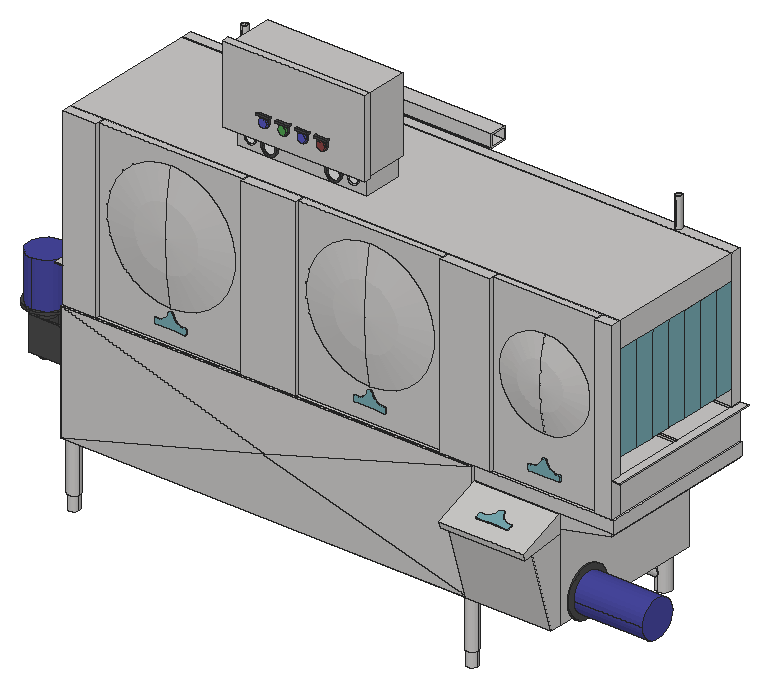
Revit family
Parameters (values of type "208/60/3")
  Width = 7' - 1 1/2"  # constant formula
  Weight in Pounds = 1700
  Watts = 25000 W
  Watermarked By = "http://revitwatermark.com"
  Waste Water Discharge Temperature [instance] = -459.67 °F
  Volts = 208 V
  Ventilation Remarks [instance] = ""
  URL Cutsheet = ""
  URL = "www.stero.com"
  Total Height = 5' - 10 1/2"
  Table Height = 2' - 10"
  Swing Doors [instance] = no
  Status [instance] = ""
  Standard Doors [instance] = not(Swing Doors)  # yes
  Specification by User [instance] = ""
  Specification by Manufacturer = ""
  Serial Number [instance] = ""
  Seismic Rating [instance] = ""
  SMACNA No [instance] = ""
  Right Ventilation Remarks [instance] = ""
  Right Vent [instance] = no
  Right Exhaust Volume [instance] = if(Right Vent, 200 CFM, 0 CFM)  # 0 CFM
  Right Exhaust Vent Width = 0' - 3 7/8"
  Right Exhaust Vent Text = "Vent, Load End"  # constant formula
  Right Exhaust Vent Depth = 2' - 0 7/8"
  Right Exhaust Static Press = 0.00 in-wg
  Right Exhaust RI Height [instance] = 0' - 0"
  Right Exhaust Item Number [instance] = "-"
  Right Drain [instance] = no
  Revision Code [instance] = ""
  Plumbing Remarks [instance] = ""
  Plumbing Connection Type [instance] = ""
  Phase = 3
  Number of Poles [instance] = 1
  NAFEM Spec ID Number [instance] = ""
  Model = "ER-86S"
  Masterspec = ""
  Manufacturer = "Stero"
  Machine Height = 4' - 7 1/2"
  Left Vent [instance] = no
  Left Drain [instance] = not(Right Drain)  # yes
  Item Number [instance] = "-"
  Installed By [instance] = ""
  Indirect Waste Size = 2"
  Indirect Waste Flow [instance] = 0.00 GPM
  Indirect Waste Connection Type [instance] = ""
  Indirect Waste Connection Height = 0' - 6"
  Hot Water Usage Rack = "- Gal/Rack"
  Hot Water Usage = "120.6 GPH"
  Hot Water Temperature = 180 °F
  Hot Water Size = 3/4"
  Hot Water RI Height [instance] = 0' - 0"
  Hot Water Minimum Pressure = 20.00 psi
  Hot Water Maximum Pressure = 20.00 psi
  Hot Water Flow = 2.01 GPM
  Hot Water Consumption = 2.01 GPM
  Hot Water Connection Height = 5' - 0"
  HP = "5.25"
  Furnished By [instance] = ""
  Foodservice Equipment Identifier [instance] = yes
  FL Amps = 87.4 A
  Exhaust Volume [instance] = if(Left Vent, 400 CFM, 0 CFM)  # 0 CFM
  Exhaust Vent Width = 0' - 3 7/8"
  Exhaust Vent Text = "Vent, Unload End"  # constant formula
  Exhaust Vent Depth = 2' - 0 7/8"
  Exhaust Static Press = 0.00 in-wg
  Exhaust RI Height [instance] = 0' - 0"
  Electrical Remarks [instance] = ""
  Electric Connection Type [instance] = ""
  Elec Conn RI Height [instance] = 0' - 0"
  Elec Conn Connection Height = 5' - 8 1/2"
  Description = "Dishwasher, Conveyor"
  Depth = 2' - 1"
  Cycle = 60 Hz
  Conn Conduit = yes
  Cold Water Temperature Recommended [instance] = -459.67 °F
  Cold Water Size = 3/4"
  Cold Water RI Height [instance] = 0' - 0"
  Cold Water Minimum Pressure [instance] = 0.00 psi
  Cold Water Maximum Pressure [instance] = 0.00 psi
  Cold Water Flow [instance] = 0.00 GPM
  Cold Water Consumption [instance] = ""
  Cold Water Connection Height = 5' - 0"
  CSI MasterFormat = "11 48 13"
  Building Plumbing Remarks [instance] = ""
  Building Hot Water Temperature = 140 °F
  Building Hot Water Size = 3/4"
  Building Hot Water RI Height [instance] = 0' - 0"
  Building Hot Water Minimum Pressure [instance] = 20.00 psi
  Building Hot Water Maximum Pressure [instance] = 20.00 psi
  Building Hot Water Flow [instance] = 0.00 GPM
  Building Hot Water Consumption [instance] = 2.00 GPM
  Building Hot Water Connection Height = 5' - 0"
  Building HW Item Number [instance] = "-"
  Assembly Code = "E1090320"
  Apparent Power = if(Phase = 3, Volts * FL Amps * 1.73, Volts * FL Amps)  # 31450 VA
  24 Door Opening [instance] = if(Swing Doors, 2' 0", 1' 10 1/2")  # 1' - 10 1/2"
  18 Door Opening [instance] = if(Swing Doors, 1' 6", 1' 4 1/4")  # 1' - 4 1/4"
Reference planes (in)
  plane 1: z = 0
  plane 2 "LEFT": x = 2.32772
  plane 3 "BACK": y = -48.15916
  plane 4 "TOP": z = 70.5
  plane 5 "Right of Main Body": x = 66.32772
  plane 6 "FRONT": y = -73.15916
  plane 7 "Left of Top": x = 2.57772
  plane 8 "Right of Top": x = 66.07772
  plane 9 "Left of Ledge": x = 1.07772
  plane 10 "Left End Cowl": x = -7.67228
  plane 11: x = -0.73478
  plane 12 "Bottom of Machine": z = 10
  plane 13 "Table Height": z = 34
  plane 14 "Top of Machine": z = 55.5
  plane 15 "Panel Top": z = 28.5
  plane 16: z = 12
  plane 17: y = -73.65916
  plane 18: y = -47.65916
  plane 19: x = 2.07772
  plane 20: y = -49.78416
  plane 21: y = -71.53416
  plane 22 "Door Center": x = 34.32772
  plane 23: x = 7.57772
  plane 24: x = 30.07772
  plane 25 "Top of Opening": z = 51.5
  plane 26: z = 2.25
  plane 27: x = 24.32772
  plane 28: x = 44.32772
  plane 29: x = 23.32772
  plane 30: x = 45.32772
  plane 31 "Front of Lower Panel": y = -66.5
  plane 32: y = -60.5
  plane 33: y = -67.15916
  plane 34 "Back of Panel": y = -60.15916
  plane 35 "Front of Upper Panel": y = -68.15916
  plane 36: x = 23.82772
  plane 37: x = 44.82772
  plane 38: x = -7.54728
  plane 39: x = -4.60978
  plane 40: y = -48.22166
  plane 41: y = -73.09666
  plane 42 "Top of Vents": z = 59.5
  plane 43: x = 19.82772
  plane 44: x = 48.82772
  plane 45: y = -45.15916
  plane 46: z = 57.5
  plane 47: y = -43.15916
  plane 48: z = 84.5
  plane 49: x = 18.82772
  plane 50: x = 38.57772
  plane 51: x = 61.07772
  plane 52: x = 97.82772
  plane 53: x = 90.89022
  plane 54: x = 97.70272
  plane 55: x = 94.76522
  plane 56 "RIGHT": x = 87.82772
  plane 57: x = 87.57772
  plane 58: x = 89.07772
  plane 59: x = 88.07772
  plane 60: x = 68.89022
  plane 61: x = 85.14022
  plane 62 "Drain": y = -51.15916
  plane 63: x = 60.82772
  plane 64: x = 84.89022
  plane 65: x = 38.70272
  plane 66: x = 69.01522
  plane 67: x = 40.01522
  plane 68: x = 70.32772
  plane 69: x = 7.82772
  plane 70: x = 29.95272
  plane 71: x = 28.64022
Forms (in)
  Extrusion 1, solid, material "QF_Finishes_Stainless Steel"
    sketch origin (0, 0, 10) x (0, 1, 0) y (-1, 0, 0)
      loop
        line (-47.65916, -2.07772) -> (-73.15916, -2.07772) -> (-73.15916, -66.57772) -> (-47.65916, -66.57772) -> (-47.65916, -2.07772)
    from 0 to 2
  Extrusion 2, solid, material "QF_Finishes_Stainless Steel"
    sketch origin (0, 0, 28.5) x (0, 1, 0) y (-1, 0, 0)
      loop
        line (-48.15916, -2.32772) -> (-73.15916, -2.32772) -> (-73.15916, -66.32772) -> (-48.15916, -66.32772) -> (-48.15916, -2.32772)
    from 0 to -16.5
  Extrusion 3, solid, material "QF_Finishes_Stainless Steel"
    sketch origin (0, 0, 34) x (0, 1, 0) y (-1, 0, 0)
      loop
        line (-48.15916, -2.32772) -> (-48.15916, -1.07772) -> (-73.15916, -1.07772) -> (-73.15916, -2.32772) -> (-48.15916, -2.32772)
    from 0 to -0.125
  Extrusion 4, solid, material "QF_Finishes_Stainless Steel"
    sketch origin (21.5, 0, 34) x (0, 1, 0) y (-1, 0, 0)
      loop
        line (-48.15916, -66.32772) -> (-73.15916, -66.32772) -> (-73.15916, -67.57772) -> (-48.15916, -67.57772) -> (-48.15916, -66.32772)
    from 0 to -0.125
  Extrusion 5, solid, material "QF_Finishes_Stainless Steel"
    sketch origin (0, 0, 34) x (0, 1, 0) y (-1, 0, 0)
      loop
        line (-48.15916, -2.32772) -> (-71.53416, -2.32772) -> (-71.53416, -87.82772) -> (-48.15916, -87.82772) -> (-48.15916, -2.32772)
    from -0.25 to -5.5
  Extrusion 6, solid, material "QF_Finishes_Stainless Steel"
    sketch origin (0, 0, 34) x (0, 1, 0) y (-1, 0, 0)
      loop
        line (-60.25, -2.32772) -> (-60.75, -2.32772) -> (-60.75, -87.82772) -> (-60.25, -87.82772) -> (-60.25, -2.32772)
      loop
        line (-48.15916, -2.32772) -> (-49.78416, -2.32772) -> (-49.78416, -87.82772) -> (-48.15916, -87.82772) -> (-48.15916, -2.32772)
    from 0 to -0.25
  Extrusion 7, solid, material "QF_Finishes_Stainless Steel"
    sketch origin (0, 0, 55.5) x (0, 1, 0) y (-1, 0, 0)
      loop
        line (-49.78416, -2.32772) -> (-71.53416, -2.32772) -> (-71.53416, -87.82772) -> (-49.78416, -87.82772) -> (-49.78416, -2.32772)
    from 0 to -4
  Extrusion 8, solid, material "QF_Finishes_Stainless Steel"
    sketch origin (0, 0, 55.5) x (0, 1, 0) y (-1, 0, 0)
      loop
        line (-48.15916, -2.32772) -> (-49.78416, -2.32772) -> (-49.78416, -87.82772) -> (-48.15916, -87.82772) -> (-48.15916, -2.32772)
    from 0 to -21.5
  Extrusion 9, solid, material "QF_Finishes_Stainless Steel"
    sketch origin (0, -73.15916, 0) x (-1, 0, 0) y (0, 0, 1)
      loop
        line (-2.32772, 55.5) -> (-7.57772, 55.5) -> (-7.57772, 28.5) -> (-2.32772, 28.5) -> (-2.32772, 55.5)
    from 0 to 1.625
  Blend 10, solid, material "QF_Finishes_Stainless Steel"
    base sketch origin (-15.01335, -74, 48) x (-1, 0, 0) y (0, 0, 1)
      loop
        line (-17.34107, -19.5) -> (-81.34107, -19.5) -> (-81.34107, -38) -> (-17.34107, -38) -> (-17.34107, -19.5)
    top sketch origin (-15.01335, -74, 48) x (-1, 0, 0) y (0, 0, 1)
      loop
        line (-49.37232, -28.71875) -> (-49.37232, -28.78125) -> (-49.30982, -28.78125) -> (-49.30982, -28.71875) -> (-49.37232, -28.71875)
    from 0.5 to 0
  Extrusion 11, solid, material "QF_Finishes_Stainless Steel"
    sketch origin (0, 0, 10) x (0, 1, 0) y (-1, 0, 0)
      loop
        line (-73.15916, -2.32772) -> (-73.5, -2.32772) -> (-73.5, -66.32772) -> (-73.15916, -66.32772) -> (-73.15916, -2.32772)
    from 0 to 18.5
  Extrusion 12, solid, material "QF_Finishes_Stainless Steel"
    sketch origin (0, -73.15916, 0) x (-1, 0, 0) y (0, 0, 1)
      loop
        line (-61.07772, 55.5) -> (-68.89022, 55.5) -> (-68.89022, 28.5) -> (-61.07772, 28.5) -> (-61.07772, 55.5)
    from 0 to 1.625
  Extrusion 13, solid, material "QF_Finishes_Stainless Steel", visible <- "Standard Doors"
    sketch origin (-15.5, 0, 55.5) x (0, 1, 0) y (-1, 0, 0)
      loop
        line (-71.53416, -23.07772) -> (-72.65916, -23.07772) -> (-72.65916, -45.57772) -> (-71.53416, -45.57772) -> (-71.53416, -23.07772)
    from 0 to -27
  Extrusion 14, solid, material "QF_Finishes_Stainless Steel"
    sketch origin (0, 0, 0) x (1, 0, 0) y (0, 1, 0)
      loop
        circle (3.32772, -49.15916) r 0.8125
    from 0 to 2.25
  Extrusion 15, solid, material "QF_Finishes_Stainless Steel"
    sketch origin (0, 0, 0) x (1, 0, 0) y (0, 1, 0)
      loop
        circle (3.32772, -49.15916) r 0.9375
    from 2.25 to 10
  Extrusion 16, solid, material "QF_Finishes_Stainless Steel"
    sketch origin (48.65544, 0, 0) x (-1, 0, 0) y (0, -1, 0)
      loop
        circle (-16.67228, 49.15916) r 0.8125
    from 0 to 2.25
  Extrusion 17, solid, material "QF_Finishes_Stainless Steel"
    sketch origin (48.65544, 0, 0) x (-1, 0, 0) y (0, -1, 0)
      loop
        circle (-16.67228, 49.15916) r 0.9375
    from 2.25 to 10
  Extrusion 18, solid, material "QF_Finishes_Stainless Steel"
    sketch origin (0, -121, 0) x (1, 0, 0) y (0, 1, 0)
      loop
        circle (3.32772, 48.84084) r 0.8125
    from 0 to 2.25
  Extrusion 19, solid, material "QF_Finishes_Stainless Steel"
    sketch origin (0, -121, 0) x (1, 0, 0) y (0, 1, 0)
      loop
        circle (3.32772, 48.84084) r 0.9375
    from 2.25 to 10
  Extrusion 20, solid, material "QF_Finishes_Stainless Steel"
    sketch origin (48.65544, -121, 0) x (-1, 0, 0) y (0, -1, 0)
      loop
        circle (-16.67228, -48.84084) r 0.8125
    from 0 to 2.25
  Extrusion 21, solid, material "QF_Finishes_Stainless Steel"
    sketch origin (48.65544, -121, 0) x (-1, 0, 0) y (0, -1, 0)
      loop
        circle (-16.67228, -48.84084) r 0.9375
    from 2.25 to 10
  Extrusion 22, solid, material "QF_Finishes_Light Blue"
    sketch origin (21.5, 0, 51.5) x (0, 1, 0) y (-1, 0, 0)
      loop
        line (-49.78416, -66.32772) -> (-49.78416, -66.20272) -> (-52.78416, -66.20272) -> (-52.78416, -66.32772) -> (-49.78416, -66.32772)
      loop
        line (-52.90916, -66.32772) -> (-52.90916, -66.20272) -> (-55.90916, -66.20272) -> (-55.90916, -66.32772) -> (-52.90916, -66.32772)
      loop
        line (-56.03416, -66.32772) -> (-56.03416, -66.20272) -> (-59.03416, -66.20272) -> (-59.03416, -66.32772) -> (-56.03416, -66.32772)
      loop
        line (-59.15916, -66.32772) -> (-59.15916, -66.20272) -> (-62, -66.20272) -> (-62, -66.32772) -> (-59.15916, -66.32772)
      loop
        line (-62.125, -66.32772) -> (-62.125, -66.20272) -> (-65.125, -66.20272) -> (-65.125, -66.32772) -> (-62.125, -66.32772)
      loop
        line (-65.25, -66.32772) -> (-65.25, -66.20272) -> (-68.40916, -66.20272) -> (-68.40916, -66.32772) -> (-65.25, -66.32772)
      loop
        line (-68.53416, -66.32772) -> (-68.53416, -66.20272) -> (-71.53416, -66.20272) -> (-71.53416, -66.32772) -> (-68.53416, -66.32772)
    from 0 to -15
  Extrusion 23, solid, material "QF_Finishes_Light Blue"
    sketch origin (48.65544, 0, 51.5) x (0, 1, 0) y (-1, 0, 0)
      loop
        line (-49.78416, 46.32772) -> (-52.78416, 46.32772) -> (-52.78416, 46.20272) -> (-49.78416, 46.20272) -> (-49.78416, 46.32772)
      loop
        line (-52.90916, 46.32772) -> (-55.90916, 46.32772) -> (-55.90916, 46.20272) -> (-52.90916, 46.20272) -> (-52.90916, 46.32772)
      loop
        line (-56.03416, 46.32772) -> (-59.03416, 46.32772) -> (-59.03416, 46.20272) -> (-56.03416, 46.20272) -> (-56.03416, 46.32772)
      loop
        line (-59.15916, 46.32772) -> (-62, 46.32772) -> (-62, 46.20272) -> (-59.15916, 46.20272) -> (-59.15916, 46.32772)
      loop
        line (-62.125, 46.32772) -> (-65.125, 46.32772) -> (-65.125, 46.20272) -> (-62.125, 46.20272) -> (-62.125, 46.32772)
      loop
        line (-65.25, 46.32772) -> (-68.40916, 46.32772) -> (-68.40916, 46.20272) -> (-65.25, 46.20272) -> (-65.25, 46.32772)
      loop
        line (-68.53416, 46.32772) -> (-71.53416, 46.32772) -> (-71.53416, 46.20272) -> (-68.53416, 46.20272) -> (-68.53416, 46.32772)
    from 0 to -15
  Extrusion 24, solid, material "QF_Finishes_Stainless Steel"
    sketch origin (0, 0, 55.5) x (0, 1, 0) y (-1, 0, 0)
      loop
        line (-60.5, -24.32772) -> (-66.5, -24.32772) -> (-66.5, -44.32772) -> (-60.5, -44.32772) -> (-60.5, -24.32772)
    from 0 to 3.5
  Extrusion 25, solid, material "QF_Finishes_Stainless Steel"
    sketch origin (0, 0, 55.5) x (0, 1, 0) y (-1, 0, 0)
      loop
        line (-60.15916, -23.82772) -> (-67.15916, -23.82772) -> (-67.15916, -44.82772) -> (-60.15916, -44.82772) -> (-60.15916, -23.82772)
    from 3 to 14.5
  Extrusion 26, solid, material "QF_Finishes_Stainless Steel"
    sketch origin (0, 0, 55.5) x (0, 1, 0) y (-1, 0, 0)
      loop
        line (-67.15916, -23.32772) -> (-68.15916, -23.32772) -> (-68.15916, -45.32772) -> (-67.15916, -45.32772) -> (-67.15916, -23.32772)
    from 3 to 15
  Extrusion 27, solid, material "QF_Finishes_Black"
    sketch origin (0, -66.5, 0) x (-1, 0, 0) y (0, 0, 1)
      loop
        circle (-29.32772, 57) r 1.25
      loop
        circle (-29.32772, 57) r 1
    from 0 to -0.25
  Extrusion 28, solid, material "QF_Finishes_Stainless Steel"
    sketch origin (0, -66.5, 0) x (-1, 0, 0) y (0, 0, 1)
      loop
        circle (-26.32772, 57.25) r 0.75
      loop
        circle (-26.32772, 57.25) r 0.875
    from 0 to -0.125
  Extrusion 29, solid, material "QF_Finishes_White"
    sketch origin (0, -66.5, 0) x (-1, 0, 0) y (0, 0, 1)
      loop
        circle (-26.32772, 57.25) r 0.75
    from 0 to -0.0625
  Extrusion 30, solid, material "QF_Finishes_White"
    sketch origin (0, -66.5, 0) x (-1, 0, 0) y (0, 0, 1)
      loop
        circle (-29.32772, 57) r 1
    from 0 to -0.0625
  Extrusion 31, solid, material "QF_Finishes_Black"
    sketch origin (48.65544, -66.5, 0) x (1, 0, 0) y (0, 0, -1)
      loop
        circle (-9.32772, -57) r 1.25
      loop
        circle (-9.32772, -57) r 1
    from 0 to -0.25
  Extrusion 32, solid, material "QF_Finishes_Stainless Steel"
    sketch origin (48.65544, -66.5, 0) x (1, 0, 0) y (0, 0, -1)
      loop
        circle (-6.32772, -57.25) r 0.75
      loop
        circle (-6.32772, -57.25) r 0.875
    from 0 to -0.125
  Extrusion 33, solid, material "QF_Finishes_White"
    sketch origin (48.65544, -66.5, 0) x (1, 0, 0) y (0, 0, -1)
      loop
        circle (-6.32772, -57.25) r 0.75
    from 0 to -0.0625
  Extrusion 34, solid, material "QF_Finishes_White"
    sketch origin (48.65544, -66.5, 0) x (1, 0, 0) y (0, 0, -1)
      loop
        circle (-9.32772, -57) r 1
    from 0 to -0.0625
  Extrusion 35, solid, material "QF_Finishes_Black"
    sketch origin (0, -68.15916, 0) x (-1, 0, 0) y (0, 0, 1)
      loop
        line (-33.82772, 62.5) -> (-33.82772, 62.25) -> (-31.82772, 62.25) -> (-31.82772, 62.5) -> (-33.82772, 62.5)
      loop
        line (-30.82772, 62.5) -> (-30.82772, 62.25) -> (-28.82772, 62.25) -> (-28.82772, 62.5) -> (-30.82772, 62.5)
      loop
        line (-34.82772, 62.5) -> (-36.82772, 62.5) -> (-36.82772, 62.25) -> (-34.82772, 62.25) -> (-34.82772, 62.5)
      loop
        line (-37.82772, 62.5) -> (-39.82772, 62.5) -> (-39.82772, 62.25) -> (-37.82772, 62.25) -> (-37.82772, 62.5)
    from 0 to -0.5
  Extrusion 36, solid, material "QF_Finishes_Navy Blue"
    sketch origin (0, -68.15916, 0) x (-1, 0, 0) y (0, 0, 1)
      loop
        circle (-29.82772, 61.375) r 0.625
    from -0.125 to -0.375
  Extrusion 37, solid, material "QF_Finishes_LED Green"
    sketch origin (3, -68.15916, 0) x (-1, 0, 0) y (0, 0, 1)
      loop
        circle (-29.82772, 61.375) r 0.625
    from -0.125 to -0.375
  Extrusion 38, solid, material "QF_Finishes_Navy Blue"
    sketch origin (6, -68.15916, 0) x (-1, 0, 0) y (0, 0, 1)
      loop
        circle (-29.82772, 61.375) r 0.625
    from -0.125 to -0.375
  Extrusion 39, solid, material "QF_Finishes_LED Red"
    sketch origin (9, -68.15916, 0) x (-1, 0, 0) y (0, 0, 1)
      loop
        circle (-29.82772, 61.375) r 0.625
    from -0.125 to -0.375
  Extrusion 40, solid, material "QF_Finishes_Black"
    sketch origin (0, -68.15916, 0) x (-1, 0, 0) y (0, 0, 1)
      loop
        arc (-30.57772, 61.375) -> (-29.82772, 60.625) -> (-29.07772, 61.375) r 0.75
        line (-29.07772, 61.375) -> (-29.07772, 62.25) -> (-30.57772, 62.25) -> (-30.57772, 61.375)
      loop
        arc (-33.57772, 61.375) -> (-32.82772, 60.625) -> (-32.07772, 61.375) r 0.75
        line (-32.07772, 61.375) -> (-32.07772, 62.25) -> (-33.57772, 62.25) -> (-33.57772, 61.375)
      loop
        arc (-36.57772, 61.375) -> (-35.82772, 60.625) -> (-35.07772, 61.375) r 0.75
        line (-35.07772, 61.375) -> (-35.07772, 62.25) -> (-36.57772, 62.25) -> (-36.57772, 61.375)
      loop
        arc (-39.57772, 61.375) -> (-38.82772, 60.625) -> (-38.07772, 61.375) r 0.75
        line (-38.07772, 61.375) -> (-38.07772, 62.25) -> (-39.57772, 62.25) -> (-39.57772, 61.375)
    from 0 to -0.125
  Extrusion 41, solid, material "QF_Finishes_Light Blue", visible <- "Standard Doors"
    sketch origin (-15.5, -73.15916, 0) x (-1, 0, 0) y (0, 0, 1)
      loop
        line (-33.71645, 30.65632) -> (-32.08461, 30.57309)
        arc (-32.08461, 30.57309) -> (-31.90443, 30.64773) -> (-31.82979, 30.82792) r 0.25483
        line (-31.82979, 30.82792) -> (-31.82979, 31.31285)
        arc (-31.82979, 31.31285) -> (-31.90343, 31.49062) -> (-32.08121, 31.56426) r 0.25142
        arc (-32.08121, 31.56426) -> (-33.22593, 31.7803) -> (-33.90311, 32.72819) r 1.56264
        arc (-33.90311, 32.72819) -> (-34.31726, 33.06213) -> (-34.74741, 32.74907) r 0.43733
        arc (-34.74741, 32.74907) -> (-35.42049, 31.78611) -> (-36.57423, 31.56426) r 1.56264
        arc (-36.57423, 31.56426) -> (-36.75201, 31.49062) -> (-36.82565, 31.31285) r 0.25142
        line (-36.82565, 31.31285) -> (-36.82565, 30.82792)
        arc (-36.82565, 30.82792) -> (-36.75101, 30.64773) -> (-36.57082, 30.57309) r 0.25483
        line (-36.57082, 30.57309) -> (-34.93898, 30.65632)
        arc (-34.93898, 30.65632) -> (-34.32772, 30.6719) -> (-33.71645, 30.65632) r 12
    from 0.5 to 0.4375
  Extrusion 42, solid, material "QF_Finishes_Stainless Steel", visible <- "Left Vent"
    sketch origin (2.57772, 0, 0) x (0, 1, 0) y (0, 0, 1)
      loop
        line (-73.15916, 55.5) -> (-73.15916, 39.125) -> (-71.53416, 37.5) -> (-71.53416, 37.67678) -> (-73.03416, 39.17678) -> (-73.03416, 55.375) -> (-48.28416, 55.375) -> (-48.28416, 50.61428) -> (-49.78416, 49.11428) -> (-49.78416, 48.9375) -> (-48.15916, 50.5625) -> (-48.15916, 55.5) -> (-73.15916, 55.5)
    from -0.25 to -10.125
  Extrusion 43, solid, material "QF_Finishes_Stainless Steel", visible <- "Left Vent"
    sketch origin (-7.67228, 0, 0) x (0, 1, 0) y (0, 0, 1)
      loop
        line (-71.53416, 37.5) -> (-71.53416, 51.5) -> (-49.78416, 51.5) -> (-49.78416, 48.9375) -> (-48.15916, 50.5625) -> (-48.15916, 55.5) -> (-73.15916, 55.5) -> (-73.15916, 39.125) -> (-71.53416, 37.5)
    from 0 to 0.125
  Extrusion 44, solid, material "QF_Finishes_Stainless Steel", visible <- "Left Vent"
    sketch origin (0, 0, 55.5) x (0, 1, 0) y (-1, 0, 0)
      loop
        line (-48.22166, 4.60978) -> (-73.09666, 4.60978) -> (-73.09666, 0.73478) -> (-48.22166, 0.73478) -> (-48.22166, 4.60978)
      loop
        line (-48.34666, 4.48478) -> (-72.97166, 4.48478) -> (-72.97166, 0.85978) -> (-48.34666, 0.85978) -> (-48.34666, 4.48478)
    from 0 to 4
  Extrusion 45, void
    sketch origin (0, 0, 55.5) x (0, 1, 0) y (-1, 0, 0)
      loop
        line (-48.34666, 4.48478) -> (-72.97166, 4.48478) -> (-72.97166, 0.85978) -> (-48.34666, 0.85978) -> (-48.34666, 4.48478)
    from 0 to -0.125
  Extrusion 46, solid, material "QF_Finishes_Stainless Steel"
    sketch origin (0, 0, 55.5) x (0, 1, 0) y (-1, 0, 0)
      loop
        circle (-48.90916, -11.32772) r 0.375
      loop
        circle (-48.90916, -11.32772) r 0.5
    from 0 to 4.5
  Extrusion 47, solid, material "QF_Finishes_Stainless Steel"
    sketch origin (2.32772, 0, 0) x (0, 1, 0) y (0, 0, 1)
      loop
        line (-45.15916, 57.5) -> (-47.90916, 57.5) -> (-47.90916, 55.5) -> (-45.15916, 55.5) -> (-45.15916, 57.5)
      loop
        line (-45.28416, 57.375) -> (-47.78416, 57.375) -> (-47.78416, 55.625) -> (-45.28416, 55.625) -> (-45.28416, 57.375)
    from 17.5 to 46.5
  Extrusion 48, solid, material "QF_Finishes_Stainless Steel"
    sketch origin (2.32772, 0, 0) x (0, 1, 0) y (0, 0, 1)
      loop
        line (-47.90916, 55.5) -> (-47.90916, 55.625) -> (-48.15916, 55.625) -> (-48.15916, 55.5) -> (-47.90916, 55.5)
    from 17.5 to 46.5
  Extrusion 49, solid, material "QF_Finishes_Stainless Steel"
    sketch origin (0, -60.15916, 0) x (-1, 0, 0) y (0, 0, 1)
      loop
        circle (-44.32772, 68.5) r 0.25
    from 0 to 0.0625
  Extrusion 50, solid, material "QF_Finishes_Stainless Steel"
    sketch origin (0, 0, 10) x (0, 1, 0) y (-1, 0, 0)
      loop
        circle (-51.15916, -18.82772) r 1
      loop
        circle (-51.15916, -18.82772) r 1.125
    from 0 to -4
  Extrusion 51, solid, material "QF_Finishes_Clearance", detail levels coarse
    sketch origin (0, 0, 0) x (1, 0, 0) y (0, 1, 0)
      loop
        line (1.07772, -47.65916) -> (19.82772, -47.65916) -> (19.82772, -45.15916) -> (48.82772, -45.15916) -> (48.82772, -47.65916) -> (89.07772, -47.65916) -> (89.07772, -43.15916) -> (1.07772, -43.15916) -> (1.07772, -47.65916)
    from 0 to 70.5
  Extrusion 52, solid, material "QF_Finishes_Clearance", visible <- "Standard Doors", detail levels coarse
    sketch origin (-15.5, -73.15916, 0) x (-1, 0, 0) y (0, 0, 1)
      loop
        line (-23.07772, 84.5) -> (-45.57772, 84.5) -> (-45.57772, 55.5) -> (-23.07772, 55.5) -> (-23.07772, 84.5)
    from 0 to 1.625
  Extrusion 53, solid, material "QF_Finishes_Clearance", visible <- "Left Vent", detail levels coarse
    sketch origin (0, 0, 0) x (1, 0, 0) y (0, 1, 0)
      loop
        line (-7.67228, -43.15916) -> (-7.67228, -47.65916) -> (1.07772, -47.65916) -> (1.07772, -43.15916) -> (-7.67228, -43.15916)
    from 0 to 70.5
  Revolve 54, solid, material "QF_Finishes_Stainless Steel", visible <- "Standard Doors"
    sketch origin (18.82772, 0, 0) x (0, 1, 0) y (0, 0, 1)
      loop
        line (-72.65916, 43.5) -> (-72.65916, 53.5)
        arc (-72.65916, 53.5) -> (-73.42159, 48.52624) -> (-73.65916, 43.5) r 48
        line (-73.65916, 43.5) -> (-72.65916, 43.5)
      axis (-72.65916, 43.5) -> (-73.65916, 43.5)
    angle from 0 to 360
  Extrusion 55, solid, material "QF_Finishes_Stainless Steel", visible <- "Standard Doors"
    sketch origin (14.5, 0, 55.5) x (0, 1, 0) y (-1, 0, 0)
      loop
        line (-71.53416, -24.07772) -> (-72.65916, -24.07772) -> (-72.65916, -46.57772) -> (-71.53416, -46.57772) -> (-71.53416, -24.07772)
    from 0 to -27
  Extrusion 56, solid, material "QF_Finishes_Light Blue", visible <- "Standard Doors"
    sketch origin (15.5, -73.15916, 0) x (-1, 0, 0) y (0, 0, 1)
      loop
        line (-33.71645, 30.65632) -> (-32.08461, 30.57309)
        arc (-32.08461, 30.57309) -> (-31.90443, 30.64773) -> (-31.82979, 30.82792) r 0.25483
        line (-31.82979, 30.82792) -> (-31.82979, 31.31285)
        arc (-31.82979, 31.31285) -> (-31.90343, 31.49062) -> (-32.08121, 31.56426) r 0.25142
        arc (-32.08121, 31.56426) -> (-33.22593, 31.7803) -> (-33.90311, 32.72819) r 1.56264
        arc (-33.90311, 32.72819) -> (-34.31726, 33.06213) -> (-34.74741, 32.74907) r 0.43733
        arc (-34.74741, 32.74907) -> (-35.42049, 31.78611) -> (-36.57423, 31.56426) r 1.56264
        arc (-36.57423, 31.56426) -> (-36.75201, 31.49062) -> (-36.82565, 31.31285) r 0.25142
        line (-36.82565, 31.31285) -> (-36.82565, 30.82792)
        arc (-36.82565, 30.82792) -> (-36.75101, 30.64773) -> (-36.57082, 30.57309) r 0.25483
        line (-36.57082, 30.57309) -> (-34.93898, 30.65632)
        arc (-34.93898, 30.65632) -> (-34.32772, 30.6719) -> (-33.71645, 30.65632) r 12
    from 0.5 to 0.4375
  Extrusion 57, solid, material "QF_Finishes_Clearance", visible <- "Standard Doors", detail levels coarse
    sketch origin (14.5, -73.15916, 0) x (-1, 0, 0) y (0, 0, 1)
      loop
        line (-24.07772, 84.5) -> (-46.57772, 84.5) -> (-46.57772, 55.5) -> (-24.07772, 55.5) -> (-24.07772, 84.5)
    from 0 to 1.625
  Revolve 58, solid, material "QF_Finishes_Stainless Steel", visible <- "Standard Doors"
    sketch origin (49.82772, 0, 0) x (0, 1, 0) y (0, 0, 1)
      loop
        line (-72.65916, 43.5) -> (-72.65916, 53.5)
        arc (-72.65916, 53.5) -> (-73.42159, 48.52624) -> (-73.65916, 43.5) r 48
        line (-73.65916, 43.5) -> (-72.65916, 43.5)
      axis (-72.65916, 43.5) -> (-73.65916, 43.5)
    angle from 0 to 360
  Extrusion 59, solid, material "QF_Finishes_Stainless Steel"
    sketch origin (-29, -73.15916, 0) x (-1, 0, 0) y (0, 0, 1)
      loop
        line (-59.07772, 55.5) -> (-67.57772, 55.5) -> (-67.57772, 28.5) -> (-59.07772, 28.5) -> (-59.07772, 55.5)
    from 0 to 1.625
  Extrusion 60, solid, material "QF_Finishes_Stainless Steel"
    sketch origin (-44, 0, 55.5) x (0, 1, 0) y (-1, 0, 0)
      loop
        circle (-48.90916, -75.32772) r 0.375
      loop
        circle (-48.90916, -75.32772) r 0.5
    from 0 to 4.5
  Extrusion 61, solid, material "QF_Finishes_Stainless Steel"
    sketch origin (55, -1, 10) x (0, 1, 0) y (-1, 0, 0)
      loop
        circle (-50.15916, -23.32772) r 1
      loop
        circle (-50.15916, -23.32772) r 1.125
    from 0.9375 to -4
  Extrusion 62, solid, material "QF_Finishes_Stainless Steel", visible <- "Right Drain"
    sketch origin (0, 0, 0) x (1, 0, 0) y (0, 1, 0)
      loop
        circle (18.82772, -51.15916) r 1
    from 6 to 6.25
  Extrusion 63, solid, material "QF_Finishes_Stainless Steel", visible <- "Left Drain"
    sketch origin (0, -1, 0) x (1, 0, 0) y (0, 1, 0)
      loop
        circle (78.32772, -50.15916) r 1
    from 6 to 6.25
  Extrusion 64, solid, material "QF_Finishes_Black"
    sketch origin (68.65544, -73, 0) x (1, 0, 0) y (0, 0, -1)
      loop
        line (-66.57772, -12) -> (-66.57772, -10.9375) -> (-67.70272, -10.9375) -> (-67.70272, -23.9375) -> (-66.32772, -23.9375) -> (-66.32772, -12) -> (-66.57772, -12)
    from 1.8125 to 7.8125
  Extrusion 65, solid, material "QF_Finishes_Black"
    sketch origin (68.65544, 0, 10) x (0, 1, 0) y (-1, 0, 0)
      loop
        arc (-67.03416, 72.57772) -> (-68.34666, 71.26522) -> (-69.65916, 72.57772) r 1.3125
        line (-69.65916, 72.57772) -> (-69.65916, 67.95272) -> (-67.03416, 67.95272) -> (-67.03416, 72.57772)
      loop
        line (-69.90916, 74.20272) -> (-69.90916, 67.70272) -> (-66.625, 67.70272) -> (-66.625, 74.20272) -> (-69.90916, 74.20272)
    from 7.6875 to 12.9375
  Extrusion 66, solid, material "QF_Finishes_Black"
    sketch origin (68.65544, 0, 10) x (0, 1, 0) y (-1, 0, 0)
      loop
        circle (-68.34666, 72.57772) r 1.0625
    from 7.1875 to 7.6875
  Extrusion 67, solid, material "QF_Finishes_Black"
    sketch origin (68.65544, 0, 10) x (0, 1, 0) y (-1, 0, 0)
      loop
        circle (-68.34666, 72.57772) r 1.3125
    from 12.9375 to 13.4375
  Blend 68, solid, material "QF_Finishes_Black"
    base sketch origin (68.65544, 0, 10) x (0, 1, 0) y (-1, 0, 0)
      loop
        circle (-68.34666, 72.57772) r 1.3125
    top sketch origin (68.65544, 0, 10) x (0, 1, 0) y (-1, 0, 0)
      loop
        circle (-68.34666, 72.57772) r 2.0625
    from 13.4375 to 14.4375
  Extrusion 69, solid, material "QF_Finishes_Black"
    sketch origin (68.65544, 0, 10) x (0, 1, 0) y (-1, 0, 0)
      loop
        circle (-68.34666, 72.57772) r 3.25
    from 14.4375 to 14.8125
  Extrusion 70, solid, material "QF_Finishes_Blue"
    sketch origin (68.65544, 0, 10) x (0, 1, 0) y (-1, 0, 0)
      loop
        circle (-68.34666, 72.57772) r 2.875
    from 14.8125 to 21.9375
  Extrusion 71, solid, material "QF_Finishes_Black"
    sketch origin (68.65544, -73, 0) x (1, 0, 0) y (0, 0, -1)
      loop
        line (-66.32772, -33.1875) -> (-66.32772, -31.6875) -> (-71.82772, -31.6875) -> (-71.82772, -33.1875) -> (-66.32772, -33.1875)
      loop
        circle (-70.57772, -32.4375) r 0.375
    from 12.3125 to 12.6875
  Extrusion 72, solid, material "QF_Finishes_Black"
    sketch origin (68.65544, -73, 0) x (1, 0, 0) y (0, 0, -1)
      loop
        line (-66.32772, -12) -> (-66.57772, -12) -> (-66.57772, -8.4375) -> (-69.07772, -8.4375) -> (-69.07772, -12.4375) -> (-66.32772, -12.4375) -> (-66.32772, -12)
    from 7 to 18
  Extrusion 73, solid, material "QF_Finishes_Black"
    sketch origin (68.65544, -73, 0) x (1, 0, 0) y (0, 0, -1)
      loop
        line (-69.07772, -12.125) -> (-69.07772, -8.75) -> (-69.32772, -8.75)
        arc (-69.32772, -8.75) -> (-69.5045, -8.82322) -> (-69.57772, -9) r 0.25
        line (-69.57772, -9) -> (-69.57772, -9.3125)
        arc (-69.57772, -9.3125) -> (-69.68755, -9.57767) -> (-69.95272, -9.6875) r 0.375
        line (-69.95272, -9.6875) -> (-70.57772, -9.6875)
        arc (-70.57772, -9.6875) -> (-71.32772, -10.4375) -> (-70.57772, -11.1875) r 0.75
        line (-70.57772, -11.1875) -> (-69.95272, -11.1875)
        arc (-69.95272, -11.1875) -> (-69.68755, -11.29733) -> (-69.57772, -11.5625) r 0.375
        line (-69.57772, -11.5625) -> (-69.57772, -11.875)
        arc (-69.57772, -11.875) -> (-69.5045, -12.05178) -> (-69.32772, -12.125) r 0.25
        line (-69.32772, -12.125) -> (-69.07772, -12.125)
      loop
        circle (-70.57772, -10.4375) r 0.5
    from 9.375 to 9.5
  Extrusion 74, solid, material "QF_Finishes_Black"
    sketch origin (68.65544, -66.875, 0) x (1, 0, 0) y (0, 0, -1)
      loop
        line (-69.07772, -12.125) -> (-69.07772, -8.75) -> (-69.32772, -8.75)
        arc (-69.32772, -8.75) -> (-69.5045, -8.82322) -> (-69.57772, -9) r 0.25
        line (-69.57772, -9) -> (-69.57772, -9.3125)
        arc (-69.57772, -9.3125) -> (-69.68755, -9.57767) -> (-69.95272, -9.6875) r 0.375
        line (-69.95272, -9.6875) -> (-70.57772, -9.6875)
        arc (-70.57772, -9.6875) -> (-71.32772, -10.4375) -> (-70.57772, -11.1875) r 0.75
        line (-70.57772, -11.1875) -> (-69.95272, -11.1875)
        arc (-69.95272, -11.1875) -> (-69.68755, -11.29733) -> (-69.57772, -11.5625) r 0.375
        line (-69.57772, -11.5625) -> (-69.57772, -11.875)
        arc (-69.57772, -11.875) -> (-69.5045, -12.05178) -> (-69.32772, -12.125) r 0.25
        line (-69.32772, -12.125) -> (-69.07772, -12.125)
      loop
        circle (-70.57772, -10.4375) r 0.5
    from 9.375 to 9.5
  Extrusion 75, solid, material "QF_Finishes_Stainless Steel"
    sketch origin (68.65544, -73, 0) x (1, 0, 0) y (0, 0, -1)
      loop
        circle (-70.57772, -32.4375) r 0.375
      loop
        arc (-71.31584, -32.57045) -> (-70.57772, -33.1875) -> (-69.8396, -32.57045) r 0.75
        line (-69.8396, -32.57045) -> (-69.14022, -28.6875) -> (-72.01522, -28.6875) -> (-71.31584, -32.57045)
    from 11.25 to 11.375
  Extrusion 76, solid, material "QF_Finishes_Stainless Steel"
    sketch origin (68.65544, -48, 0) x (1, 0, 0) y (0, 0, 1)
      loop
        circle (-70.57772, 32.4375) r 0.375
      loop
        line (-71.31584, 32.57045) -> (-72.01522, 28.6875) -> (-69.14022, 28.6875) -> (-69.8396, 32.57045)
        arc (-69.8396, 32.57045) -> (-70.57772, 33.1875) -> (-71.31584, 32.57045) r 0.75
    from 11.25 to 11.375
  Extrusion 77, solid, material "QF_Finishes_Stainless Steel"
    sketch origin (68.65544, -73, 0) x (1, 0, 0) y (0, 0, -1)
      loop
        circle (-70.57772, -32.4375) r 0.375
    from 10.75 to 14.25
  Blend 78, solid, material "QF_Finishes_Stainless Steel"
    base sketch origin (68.65544, 0, 34) x (0, 1, 0) y (-1, 0, 0)
      loop
        line (-58.40916, 67.89022) -> (-58.40916, 73.01522) -> (-62.75, 73.01522) -> (-62.75, 67.89022) -> (-58.40916, 67.89022)
    top sketch origin (68.65544, 0, 34) x (0, 1, 0) y (-1, 0, 0)
      loop
        line (-59.40916, 69.14022) -> (-59.40916, 72.01522) -> (-61.75, 72.01522) -> (-61.75, 69.14022) -> (-59.40916, 69.14022)
    from -14.0625 to -5.3125
  Blend 79, solid, material "QF_Finishes_Stainless Steel"
    base sketch origin (68.65544, 0, 25.25) x (0, 1, 0) y (-1, 0, 0)
      loop
        line (-57.65916, 67.14022) -> (-57.65916, 73.76522) -> (-63.5, 73.76522) -> (-63.5, 67.14022) -> (-57.65916, 67.14022)
    top sketch origin (68.65544, 0, 25.25) x (0, 1, 0) y (-1, 0, 0)
      loop
        line (-58.65916, 68.14022) -> (-58.65916, 72.76522) -> (-62.5, 72.76522) -> (-62.5, 68.14022) -> (-58.65916, 68.14022)
    from -15.5625 to -5.3125
  Extrusion 80, solid, material "QF_Finishes_Stainless Steel"
    sketch origin (68.65544, -73, -22) x (1, 0, 0) y (0, 0, -1)
      loop
        circle (-70.57772, -32.4375) r 0.5
    from 9 to 16
  Extrusion 81, solid, material "QF_Finishes_Stainless Steel", visible <- "Right Vent"
    sketch origin (87.82772, 0, 0) x (0, -1, 0) y (0, 0, 1)
      loop
        line (73.15916, 55.5) -> (48.15916, 55.5) -> (48.15916, 50.5625) -> (49.78416, 48.9375) -> (49.78416, 49.11428) -> (48.28416, 50.61428) -> (48.28416, 55.375) -> (73.03416, 55.375) -> (73.03416, 39.17678) -> (71.53416, 37.67678) -> (71.53416, 37.5) -> (73.15916, 39.125) -> (73.15916, 55.5)
    from 0 to -9.875
  Extrusion 82, solid, material "QF_Finishes_Stainless Steel", visible <- "Right Vent"
    sketch origin (97.82772, 0, 0) x (0, 1, 0) y (0, 0, 1)
      loop
        line (-71.53416, 37.5) -> (-71.53416, 51.5) -> (-49.78416, 51.5) -> (-49.78416, 48.9375) -> (-48.15916, 50.5625) -> (-48.15916, 55.5) -> (-73.15916, 55.5) -> (-73.15916, 39.125) -> (-71.53416, 37.5)
    from 0 to -0.125
  Extrusion 83, solid, material "QF_Finishes_Stainless Steel", visible <- "Right Vent"
    sketch origin (70.40544, 0, 55.5) x (0, 1, 0) y (-1, 0, 0)
      loop
        line (-48.22166, -24.35978) -> (-48.22166, -20.48478) -> (-73.09666, -20.48478) -> (-73.09666, -24.35978) -> (-48.22166, -24.35978)
      loop
        line (-48.34666, -24.23478) -> (-48.34666, -20.60978) -> (-72.97166, -20.60978) -> (-72.97166, -24.23478) -> (-48.34666, -24.23478)
    from 0 to 4
  Extrusion 84, solid, material "QF_Finishes_Clearance", visible <- "Right Vent", detail levels coarse
    sketch origin (21.75, 0, 0) x (1, 0, 0) y (0, 1, 0)
      loop
        line (67.32772, -43.15916) -> (67.32772, -47.65916) -> (76.07772, -47.65916) -> (76.07772, -43.15916) -> (67.32772, -43.15916)
    from 0 to 70.5
  Extrusion 85, solid, material "QF_Finishes_Stainless Steel"
    sketch origin (58.25, -0.15916, 26.5) x (0, 1, 0) y (-1, 0, 0)
      loop
        line (-48, -8.07772) -> (-73, -8.07772) -> (-73, -29.82772) -> (-48, -29.82772) -> (-48, -8.07772)
    from 0 to 2
  Extrusion 86, solid, material "QF_Finishes_Stainless Steel", visible <- "Standard Doors"
    sketch origin (139.59294, -0.15916, 55.5) x (0, 1, 0) y (-1, 0, 0)
      loop
        line (-71.375, 54.45272) -> (-71.375, 70.70272) -> (-72.5, 70.70272) -> (-72.5, 54.45272) -> (-71.375, 54.45272)
    from 0 to -27
  Revolve 87, solid, material "QF_Finishes_Stainless Steel", visible <- "Standard Doors"
    sketch origin (77.01522, -0.22166, 0) x (0, 1, 0) y (0, 0, -1)
      loop
        line (-72.5, -43.5) -> (-73.5, -43.5)
        arc (-73.5, -43.5) -> (-73.23908, -47.03415) -> (-72.5, -50.5) r 26
        line (-72.5, -50.5) -> (-72.5, -43.5)
      axis (-72.5, -43.5) -> (-73.5, -43.5)
    angle from 0 to 360
  Extrusion 88, solid, material "QF_Finishes_Light Blue", visible <- "Standard Doors"
    sketch origin (139.59294, -73.22166, 0) x (1, 0, 0) y (0, 0, -1)
      loop
        arc (-61.96645, -30.65632) -> (-62.57772, -30.6719) -> (-63.18898, -30.65632) r 12
        line (-63.18898, -30.65632) -> (-64.82082, -30.57309)
        arc (-64.82082, -30.57309) -> (-65.00101, -30.64773) -> (-65.07565, -30.82792) r 0.25483
        line (-65.07565, -30.82792) -> (-65.07565, -31.31285)
        arc (-65.07565, -31.31285) -> (-65.00201, -31.49062) -> (-64.82423, -31.56426) r 0.25142
        arc (-64.82423, -31.56426) -> (-63.67049, -31.78611) -> (-62.99741, -32.74907) r 1.56264
        arc (-62.99741, -32.74907) -> (-62.56726, -33.06213) -> (-62.15311, -32.72819) r 0.43733
        arc (-62.15311, -32.72819) -> (-61.47593, -31.7803) -> (-60.33121, -31.56426) r 1.56264
        arc (-60.33121, -31.56426) -> (-60.15343, -31.49062) -> (-60.07979, -31.31285) r 0.25142
        line (-60.07979, -31.31285) -> (-60.07979, -30.82792)
        arc (-60.07979, -30.82792) -> (-60.15443, -30.64773) -> (-60.33461, -30.57309) r 0.25483
        line (-60.33461, -30.57309) -> (-61.96645, -30.65632)
    from 0.5 to 0.4375
  Extrusion 89, solid, material "QF_Finishes_Clearance", visible <- "Standard Doors", detail levels coarse
    sketch origin (139.59294, -73.15916, 0) x (1, 0, 0) y (0, 0, -1)
      loop
        line (-54.45272, -84.5) -> (-54.45272, -55.5) -> (-70.70272, -55.5) -> (-70.70272, -84.5) -> (-54.45272, -84.5)
    from 0.5 to 1.625
  Extrusion 90, solid, material "QF_Finishes_Stainless Steel"
    sketch origin (106.90544, -73.15916, 0) x (1, 0, 0) y (0, 0, -1)
      loop
        line (-27.14022, -26.5) -> (-27.14022, -10.9375) -> (-40.32772, -10.9375) -> (-40.32772, -26.5) -> (-27.14022, -26.5)
    from 0 to 25
  Extrusion 91, solid, material "QF_Finishes_Stainless Steel"
    sketch origin (79.26522, -0.15916, 0) x (0, 1, 0) y (0, 0, -1)
      loop
        line (-73, -10.9375) -> (-74.8125, -10.9375) -> (-78.50369, -23.01085) -> (-73, -23.75) -> (-73, -10.9375)
    from -0.5 to 12.6875
  Extrusion 92, solid, material "QF_Finishes_Stainless Steel"
    sketch origin (79.26522, -0.15916, 0) x (0, 1, 0) y (0, 0, -1)
      loop
        line (-73, -23.75) -> (-79.75188, -22.84321) -> (-80, -23.88971) -> (-73, -26.4375) -> (-73, -23.75)
    from -0.5 to 12.6875
  Extrusion 93, solid, material "QF_Finishes_Light Blue"
    sketch origin (135.49919, -106.80812, 14.72237) x (1, 0, 0) y (0, -0.939693, -0.34202)
      loop
        arc (-61.96645, -30.65632) -> (-62.57772, -30.6719) -> (-63.18898, -30.65632) r 12
        line (-63.18898, -30.65632) -> (-64.82082, -30.57309)
        arc (-64.82082, -30.57309) -> (-65.00101, -30.64773) -> (-65.07565, -30.82792) r 0.25483
        line (-65.07565, -30.82792) -> (-65.07565, -31.31285)
        arc (-65.07565, -31.31285) -> (-65.00201, -31.49062) -> (-64.82423, -31.56426) r 0.25142
        arc (-64.82423, -31.56426) -> (-63.67049, -31.78611) -> (-62.99741, -32.74907) r 1.56264
        arc (-62.99741, -32.74907) -> (-62.56726, -33.06213) -> (-62.15311, -32.72819) r 0.43733
        arc (-62.15311, -32.72819) -> (-61.47593, -31.7803) -> (-60.33121, -31.56426) r 1.56264
        arc (-60.33121, -31.56426) -> (-60.15343, -31.49062) -> (-60.07979, -31.31285) r 0.25142
        line (-60.07979, -31.31285) -> (-60.07979, -30.82792)
        arc (-60.07979, -30.82792) -> (-60.15443, -30.64773) -> (-60.33461, -30.57309) r 0.25483
        line (-60.33461, -30.57309) -> (-61.96645, -30.65632)
    from 0.5 to 0.4375
  Extrusion 94, solid, material "QF_Finishes_Black"
    sketch origin (79.76522, -0.15916, 0) x (0, 1, 0) y (0, 0, -1)
      loop
        circle (-68, -13.625) r 3.75
    from 0 to -0.375
  Extrusion 95, solid, material "QF_Finishes_Blue"
    sketch origin (79.76522, -0.15916, 0) x (0, 1, 0) y (0, 0, -1)
      loop
        circle (-68, -13.625) r 2.875
    from -0.375 to -11.1875
  Extrusion 96, solid, material "QF_Finishes_Stainless Steel"
    sketch origin (106.90544, -73.15916, 0) x (1, 0, 0) y (0, 0, -1)
      loop
        line (-19.07772, -26.5) -> (-19.07772, -26.125) -> (-27.14022, -24.35949) -> (-27.14022, -26.5) -> (-19.07772, -26.5)
    from 0 to 25
  Sweep 97, solid, material "QF_Finishes_Stainless Steel"
    path origin (68.65544, -51.15916, 0) x (1, 0, 0) y (0, 0, 1)
      loop
        line (-49.82772, 8.5) -> (9.67228, 8.5)
    profile origin (48.57772, -51.15916, 8.5) x (0, 0, -1) y (0, 1, 0)
      loop
        circle (0, 0) r 1
      loop
        circle (0, 0) r 1.125
  Extrusion 98, solid, material "QF_Finishes_Stainless Steel"
    sketch origin (125.84294, -73.15916, 0) x (1, 0, 0) y (0, 0, -1)
      loop
        line (-38.01522, -55.5) -> (-38.01522, -28.5) -> (-40.70272, -28.5) -> (-40.70272, -55.5) -> (-38.01522, -55.5)
    from 0 to 1.625
  Extrusion 99, void
    sketch origin (0, 0, 55.5) x (0, 1, 0) y (-1, 0, 0)
      loop
        line (-48.34666, -94.64022) -> (-48.34666, -91.01522) -> (-72.97166, -91.01522) -> (-72.97166, -94.64022) -> (-48.34666, -94.64022)
    from 0 to -0.125
  Extrusion 100, solid, material "QF_Finishes_Stainless Steel"
    sketch origin (70, 0, 55.5) x (0, 1, 0) y (-1, 0, 0)
      loop
        circle (-48.90916, -8.82772) r 0.375
      loop
        circle (-48.90916, -8.82772) r 0.5
    from 0 to 4.5
  Extrusion 101, solid, material "QF_Finishes_Stainless Steel", not visible
    sketch origin (79.26522, -0.15916, 0) x (0, 1, 0) y (0, 0, -1)
      loop
        line (-73, -10.9375) -> (-74.8125, -10.9375) -> (-78.50369, -23.01085) -> (-73, -23.75) -> (-73, -10.9375)
    from -0.5 to 12.6875
  Extrusion 102, solid, material "QF_Finishes_Stainless Steel", not visible
    sketch origin (79.26522, -0.15916, 0) x (0, 1, 0) y (0, 0, -1)
      loop
        line (-73, -23.75) -> (-79.75188, -22.84321) -> (-80, -23.88971) -> (-73, -26.4375) -> (-73, -23.75)
    from -0.5 to 12.6875
  Extrusion 103, solid, material "QF_Finishes_Light Blue", not visible
    sketch origin (135.49919, -106.80812, 14.72237) x (1, 0, 0) y (0, -0.939693, -0.34202)
      loop
        arc (-61.96645, -30.65632) -> (-62.57772, -30.6719) -> (-63.18898, -30.65632) r 12
        line (-63.18898, -30.65632) -> (-64.82082, -30.57309)
        arc (-64.82082, -30.57309) -> (-65.00101, -30.64773) -> (-65.07565, -30.82792) r 0.25483
        line (-65.07565, -30.82792) -> (-65.07565, -31.31285)
        arc (-65.07565, -31.31285) -> (-65.00201, -31.49062) -> (-64.82423, -31.56426) r 0.25142
        arc (-64.82423, -31.56426) -> (-63.67049, -31.78611) -> (-62.99741, -32.74907) r 1.56264
        arc (-62.99741, -32.74907) -> (-62.56726, -33.06213) -> (-62.15311, -32.72819) r 0.43733
        arc (-62.15311, -32.72819) -> (-61.47593, -31.7803) -> (-60.33121, -31.56426) r 1.56264
        arc (-60.33121, -31.56426) -> (-60.15343, -31.49062) -> (-60.07979, -31.31285) r 0.25142
        line (-60.07979, -31.31285) -> (-60.07979, -30.82792)
        arc (-60.07979, -30.82792) -> (-60.15443, -30.64773) -> (-60.33461, -30.57309) r 0.25483
        line (-60.33461, -30.57309) -> (-61.96645, -30.65632)
    from 0.5 to 0.4375
  Extrusion 104, solid, material "QF_Finishes_Black", not visible
    sketch origin (0, -68.15916, 0) x (-1, 0, 0) y (0, 0, 1)
      loop
        line (-33.82772, 62.5) -> (-33.82772, 62.25) -> (-31.82772, 62.25) -> (-31.82772, 62.5) -> (-33.82772, 62.5)
      loop
        line (-30.82772, 62.5) -> (-30.82772, 62.25) -> (-28.82772, 62.25) -> (-28.82772, 62.5) -> (-30.82772, 62.5)
      loop
        line (-34.82772, 62.5) -> (-36.82772, 62.5) -> (-36.82772, 62.25) -> (-34.82772, 62.25) -> (-34.82772, 62.5)
      loop
        line (-37.82772, 62.5) -> (-39.82772, 62.5) -> (-39.82772, 62.25) -> (-37.82772, 62.25) -> (-37.82772, 62.5)
    from 0 to -0.5
  Extrusion 105, solid, material "QF_Finishes_Navy Blue", not visible
    sketch origin (0, -68.15916, 0) x (-1, 0, 0) y (0, 0, 1)
      loop
        circle (-29.82772, 61.375) r 0.625
    from -0.125 to -0.375
  Extrusion 106, solid, material "QF_Finishes_LED Green", not visible
    sketch origin (3, -68.15916, 0) x (-1, 0, 0) y (0, 0, 1)
      loop
        circle (-29.82772, 61.375) r 0.625
    from -0.125 to -0.375
  Extrusion 107, solid, material "QF_Finishes_Navy Blue", not visible
    sketch origin (6, -68.15916, 0) x (-1, 0, 0) y (0, 0, 1)
      loop
        circle (-29.82772, 61.375) r 0.625
    from -0.125 to -0.375
  Extrusion 108, solid, material "QF_Finishes_LED Red", not visible
    sketch origin (9, -68.15916, 0) x (-1, 0, 0) y (0, 0, 1)
      loop
        circle (-29.82772, 61.375) r 0.625
    from -0.125 to -0.375
  Extrusion 109, solid, material "QF_Finishes_Black", not visible
    sketch origin (0, -68.15916, 0) x (-1, 0, 0) y (0, 0, 1)
      loop
        arc (-30.57772, 61.375) -> (-29.82772, 60.625) -> (-29.07772, 61.375) r 0.75
        line (-29.07772, 61.375) -> (-29.07772, 62.25) -> (-30.57772, 62.25) -> (-30.57772, 61.375)
      loop
        arc (-33.57772, 61.375) -> (-32.82772, 60.625) -> (-32.07772, 61.375) r 0.75
        line (-32.07772, 61.375) -> (-32.07772, 62.25) -> (-33.57772, 62.25) -> (-33.57772, 61.375)
      loop
        arc (-36.57772, 61.375) -> (-35.82772, 60.625) -> (-35.07772, 61.375) r 0.75
        line (-35.07772, 61.375) -> (-35.07772, 62.25) -> (-36.57772, 62.25) -> (-36.57772, 61.375)
      loop
        arc (-39.57772, 61.375) -> (-38.82772, 60.625) -> (-38.07772, 61.375) r 0.75
        line (-38.07772, 61.375) -> (-38.07772, 62.25) -> (-39.57772, 62.25) -> (-39.57772, 61.375)
    from 0 to -0.125
  Extrusion 110, solid, material "QF_Finishes_Stainless Steel", visible <- "Swing Doors"
    sketch origin (0, 0, 55.5) x (0, 1, 0) y (-1, 0, 0)
      loop
        line (-71.53416, -7.82772) -> (-73.15916, -7.82772) -> (-73.15916, -29.95272) -> (-71.53416, -29.95272) -> (-71.53416, -7.82772)
    from 0 to -27
  Extrusion 111, solid, material "QF_Finishes_Stainless Steel", visible <- "Swing Doors"
    sketch origin (0, 0, 55.5) x (0, 1, 0) y (-1, 0, 0)
      loop
        line (-71.53416, -38.70272) -> (-73.15916, -38.70272) -> (-73.15916, -60.82772) -> (-71.53416, -60.82772) -> (-71.53416, -38.70272)
    from 0 to -27
  Extrusion 112, solid, material "QF_Finishes_Stainless Steel", visible <- "Swing Doors"
    sketch origin (0, 0, 55.5) x (0, 1, 0) y (-1, 0, 0)
      loop
        line (-71.53416, -69.01522) -> (-73.15916, -69.01522) -> (-73.15916, -84.89022) -> (-71.53416, -84.89022) -> (-71.53416, -69.01522)
    from 0 to -27
  Extrusion 113, solid, material "QF_Finishes_Stainless Steel", visible <- "Swing Doors"
    sketch origin (-5.5, -0.15916, 52.4375) x (0, 1, 0) y (-1, 0, 0)
      loop
        circle (-73.25, -13.07772) r 0.25
    from 0 to -3
  Extrusion 114, solid, material "QF_Finishes_Stainless Steel", visible <- "Swing Doors"
    sketch origin (-5.5, -0.15916, 35.8125) x (0, 1, 0) y (-1, 0, 0)
      loop
        circle (-73.25, -13.07772) r 0.25
    from 0 to -3
  Sweep 115, solid, material "QF_Finishes_Stainless Steel", visible <- "Swing Doors"
    path origin (28.64022, -19.02724, 48) x (0, 1, 0) y (0, 0, 1)
      loop
        line (-54.13191, -0.9375) -> (-54.75691, -0.9375)
        arc (-54.75691, -0.9375) -> (-55.11047, -1.08395) -> (-55.25691, -1.4375) r 0.5
        line (-55.25691, -1.4375) -> (-55.25691, -9.6875)
        arc (-55.25691, -9.6875) -> (-55.11047, -10.04105) -> (-54.75691, -10.1875) r 0.5
        line (-54.75691, -10.1875) -> (-54.13191, -10.1875)
    profile origin (28.64022, -73.47166, 47.0625) x (0, 0, -1) y (1, 0, 0)
      loop
        circle (0, 0) r 0.375
  Extrusion 116, solid, material "QF_Finishes_Stainless Steel", visible <- "Swing Doors"
    sketch origin (48, -0.15916, 52.4375) x (0, 1, 0) y (-1, 0, 0)
      loop
        circle (-73.25, -13.07772) r 0.25
    from 0 to -3
  Extrusion 117, solid, material "QF_Finishes_Stainless Steel", visible <- "Swing Doors"
    sketch origin (48, -0.15916, 35.8125) x (0, 1, 0) y (-1, 0, 0)
      loop
        circle (-73.25, -13.07772) r 0.25
    from 0 to -3
  Extrusion 118, solid, material "QF_Finishes_Stainless Steel", visible <- "Swing Doors"
    sketch origin (72.0625, -0.15916, 52.4375) x (0, 1, 0) y (-1, 0, 0)
      loop
        circle (-73.25, -13.07772) r 0.25
    from 0 to -3
  Extrusion 119, solid, material "QF_Finishes_Stainless Steel", visible <- "Swing Doors"
    sketch origin (72.0625, -0.15916, 35.8125) x (0, 1, 0) y (-1, 0, 0)
      loop
        circle (-73.25, -13.07772) r 0.25
    from 0 to -3
  Sweep 120, solid, material "QF_Finishes_Stainless Steel", visible <- "Swing Doors"
    path origin (40.01522, -19.02724, 48) x (0, 1, 0) y (0, 0, 1)
      loop
        line (-54.13191, -0.9375) -> (-54.75691, -0.9375)
        arc (-54.75691, -0.9375) -> (-55.11047, -1.08395) -> (-55.25691, -1.4375) r 0.5
        line (-55.25691, -1.4375) -> (-55.25691, -9.6875)
        arc (-55.25691, -9.6875) -> (-55.11047, -10.04105) -> (-54.75691, -10.1875) r 0.5
        line (-54.75691, -10.1875) -> (-54.13191, -10.1875)
    profile origin (40.01522, -73.47166, 47.0625) x (0, 0, -1) y (1, 0, 0)
      loop
        circle (0, 0) r 0.375
  Sweep 121, solid, material "QF_Finishes_Stainless Steel", visible <- "Swing Doors"
    path origin (70.32772, -19.02724, 48) x (0, 1, 0) y (0, 0, 1)
      loop
        line (-54.13191, -0.9375) -> (-54.75691, -0.9375)
        arc (-54.75691, -0.9375) -> (-55.11047, -1.08395) -> (-55.25691, -1.4375) r 0.5
        line (-55.25691, -1.4375) -> (-55.25691, -9.6875)
        arc (-55.25691, -9.6875) -> (-55.11047, -10.04105) -> (-54.75691, -10.1875) r 0.5
        line (-54.75691, -10.1875) -> (-54.13191, -10.1875)
    profile origin (70.32772, -73.47166, 47.0625) x (0, 0, -1) y (1, 0, 0)
      loop
        circle (0, 0) r 0.375
Cuts and joins
  Extrusion 45 cuts Extrusion 42
  Extrusion 45 cuts Extrusion 44
  Extrusion 99 cuts Extrusion 81
  Extrusion 99 cuts Extrusion 83
Lines and regions (in)
  symbolic lines
    curve 1: line (1.07772, -48.15916, 10) -> (89.07772, -48.15916, 10)
    curve 2: line (2.32772, -73.15916, 10) -> (2.32772, -48.15916, 10)
    curve 3: line (89.07772, -73.15916, 10) -> (1.07772, -73.15916, 10)
    curve 4: line (87.82772, -48.15916, 10) -> (87.82772, -73.15916, 10)
    curve 8: line (19.82772, -48.15916, 10) -> (19.82772, -45.15916, 10)
    curve 9: line (19.82772, -45.15916, 10) -> (48.82772, -45.15916, 10)
    curve 10: line (48.82772, -45.15916, 10) -> (48.82772, -48.15916, 10)
    curve 11: line (1.07772, -48.15916, 10) -> (1.07772, -73.15916, 10)
    curve 12: line (89.07772, -48.15916, 10) -> (89.07772, -73.15916, 10)
    curve 13: line (23.82772, -60.15916, 10) -> (44.82772, -60.15916, 10)
    curve 14: line (23.82772, -67.15916, 10) -> (23.82772, -60.15916, 10)
    curve 15: line (44.82772, -67.15916, 10) -> (23.82772, -67.15916, 10)
    curve 16: line (44.82772, -60.15916, 10) -> (44.82772, -67.15916, 10)
    curve 17: line (44.82772, -67.15916, 10) -> (45.32772, -67.15916, 10)
    curve 18: line (45.32772, -67.15916, 10) -> (45.32772, -68.15916, 10)
    curve 19: line (45.32772, -68.15916, 10) -> (23.32772, -68.15916, 10)
    curve 20: line (23.32772, -68.15916, 10) -> (23.32772, -67.15916, 10)
    curve 21: line (23.32772, -67.15916, 10) -> (23.82772, -67.15916, 10)
    curve 38: line (66.57772, -73.15916, 0) -> (66.57772, -80.15916, 0)
    curve 39: line (66.57772, -80.15916, 0) -> (79.26522, -80.15916, 0)
    curve 40: line (79.26522, -80.15916, 0) -> (79.26522, -73.15916, 0)
    curve 41: line (68.89022, -73.15916, 0) -> (68.89022, -71.53416, 0)
    curve 42: line (68.89022, -71.53416, 0) -> (85.14022, -71.53416, 0)
    curve 43: line (85.14022, -71.53416, 0) -> (85.14022, -73.15916, 0)
    curve 45: line (38.57772, -73.15916, 0) -> (38.57772, -71.53416, 0)
    curve 46: line (38.57772, -71.53416, 0) -> (61.07772, -71.53416, 0)
    curve 47: line (61.07772, -71.53416, 0) -> (61.07772, -73.15916, 0)
    curve 49: line (30.07772, -73.15916, 0) -> (30.07772, -71.53416, 0)
    curve 50: line (30.07772, -71.53416, 0) -> (7.57772, -71.53416, 0)
    curve 51: line (7.57772, -71.53416, 0) -> (7.57772, -73.15916, 0)
  symbolic lines, visible <- "Left Vent"
    curve 5: line (2.32772, -48.15916, 10) -> (-7.67228, -48.15916, 10)
    curve 6: line (-7.67228, -48.15916, 10) -> (-7.67228, -73.15916, 10)
    curve 7: line (-7.67228, -73.15916, 10) -> (2.32772, -73.15916, 10)
    curve 22: line (-4.60978, -48.22166, 10) -> (-0.73478, -48.22166, 10)
    curve 23: line (-4.60978, -73.09666, 10) -> (-4.60978, -48.22166, 10)
    curve 24: line (-0.73478, -73.09666, 10) -> (-4.60978, -73.09666, 10)
    curve 25: line (-0.73478, -48.22166, 10) -> (-0.73478, -73.09666, 10)
  symbolic lines, style "QF_Clearances", visible <- "Left Vent", detail levels coarse
    curve 26: line (-7.67228, -47.65916, 0) -> (-7.67228, -43.15916, 0)
    curve 27: line (-7.67228, -43.15916, 0) -> (1.07772, -43.15916, 0)
  symbolic lines, style "QF_Clearances", detail levels coarse
    curve 28: line (1.07772, -43.15916, 0) -> (89.07772, -43.15916, 0)
  symbolic lines, visible <- "Right Vent"
    curve 29: line (87.82772, -48.15916, 10) -> (97.82772, -48.15916, 10)
    curve 30: line (97.82772, -48.15916, 10) -> (97.82772, -73.15916, 10)
    curve 31: line (97.82772, -73.15916, 10) -> (87.82772, -73.15916, 10)
    curve 32: line (90.89022, -48.22166, 10) -> (94.76522, -48.22166, 10)
    curve 33: line (90.89022, -73.09666, 10) -> (90.89022, -48.22166, 10)
    curve 34: line (94.76522, -73.09666, 10) -> (90.89022, -73.09666, 10)
    curve 35: line (94.76522, -48.22166, 10) -> (94.76522, -73.09666, 10)
  symbolic lines, style "QF_Clearances", visible <- "Right Vent", detail levels coarse
    curve 36: line (89.07772, -43.15916, 0) -> (97.82772, -43.15916, 0)
    curve 37: line (97.82772, -43.15916, 0) -> (97.82772, -47.65916, 0)
